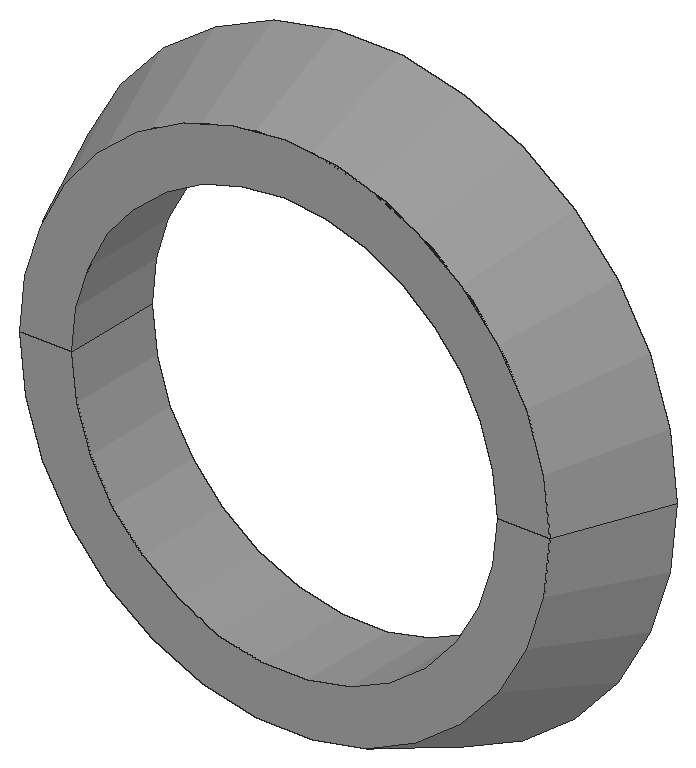
Revit family "VK465", category Sprinklers, Revit 2012
Parameters
  URL = "http://www.vikinggroupinc.com/databook/sprinklers/standard/qr/stcov/032107.pdf"
  Model = "VK465"
  Manufacturer = "Viking"
  K-Factor = 4.2
Reference planes (in)
  plane 1 "Center (Front/Back)": y = 0
  plane 2: z = 0
  plane 3 "Center (Left/Right)": x = 0
  plane 4 "Threads": y = -0.66128
Forms (in)
  Revolve 1, solid, material "Default"
    sketch origin (0, 0, 0) x (1, 0, 0) y (0, 1, 0)
      loop
        line (0.40487, -0.82695) -> (0.28017, -0.83499) -> (0.28017, -0.96604) -> (0.34867, -0.96604) -> (0.40487, -0.82695)
      axis (0, -0.96604) -> (0, -0.82695)
    angle from 0 to 360
Dimensions and locks (in)
  aligned and locked: plane 2 to level
Connectors (in)
  piping at (0, -0.66128, 0)
    settings: index 1, connector radius 1", flow factor 0, pipe flow 0 GPM, pressure drop 0.00 psi, fitting loss kfactor 0, connector angle 0.00°, fixture units 0, engagement length 0' - 0", flow configuration 0, flow direction 0, fitting loss method 0, system type 7, joint type 0, gender type 0, connector reference index -1, connector utility 0, adjustable connector no, is connector primary yes, fitting loss table "", connector description ""
